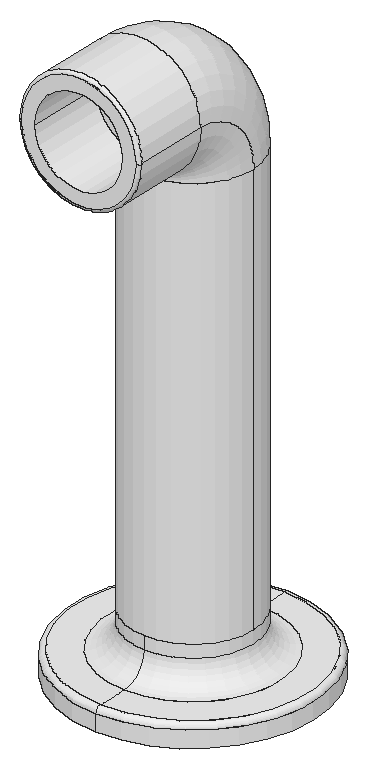
Revit family "Tub_Spout-American_Standard-Studio_S-8888.31X_Series", category Plumbing Fixtures, host Face, Revit 2019
Family settings
  Host = Face
  Round Connector Dimension = Use Diameter
  Part Type = Normal
  OmniClass Number = 23.45.05.14.17
  OmniClass Title = Showers
  Cut with Voids When Loaded = No
  Shared = Yes
  Room Calculation Point = No
Parameters (values of type "8888.316")
  Width = 2 3/4"  # constant formula
  Water Connection Radius = 1/4"  # constant formula
  Water Connection Diameter = Water Connection Radius * 2  # 1/2"
  Waste Connection = yes
  Warranty Information = "Limited Lifetime Function and Finish Warranty"  # constant formula
  WFU = 4  # constant formula
  Vent Connection = no
  URL = "https://www.americanstandard-us.com/"
  Type Comments = ""
  Product Page URL = "https://www.americanstandard-us.com/bathroom/shower-faucets/studio-s-slip-on-diverter-tub-spout-32028"
  Price = "Prices may vary. Please consult Manufacturer Representative for most up-to-date price list."  # constant formula
  Pop-up handle = no
  Model = "8888.316"
  Material = "Metal-American Standard-002-Polished Chrome"
  Manufacturer = "American Standard"  # constant formula
  Length = 6 1/8"  # constant formula
  Installation Type = "Wall Mounted"  # constant formula
  HWFU = 3  # constant formula
  HW Connection = yes
  Finish = Metal-American Standard-002-Polished Chrome
  Description = "Slip-On Non-Diverter Tub Spout"
  Default Elevation = 21"  # constant formula
  Creation Date = "01/11/2018"  # constant formula
  CWFU = 3  # constant formula
  CW Connection = yes
  Assembly Code = "D2020300"
Types (5): name | Pop-up handle | Model | Description
  (no name) | no | "8888.316" | "Slip-On Non-Diverter Tub Spout"
  8888.316 | no | "8888.316" | "Slip-On Non-Diverter Tub Spout"
  8888.317 | no | "8888.317" | "Non-Diverter 1/2 IPS Tub Spout"
  8888.318 | yes | "8888.318" | "Slip-On-Diverter Tub Spout"
  8888.319 | yes | "8888.319" | "Diverter 1/2 IPS Tub Spout"
Reference planes (in)
  plane 1 "Center (Front/Back)": y = 0
  plane 2: z = 0
  plane 3 "Center (Left/Right)": x = 0
  plane 4: z = 6.125
  plane 5: y = -1.375
  plane 6: y = 1.375
Forms (in)
  Revolve 1, solid, material "Metal-American Standard-002-Polished Chrome" <- "Finish"
    sketch origin (0, 0, 0) x (0, 1, 0) y (0, 0, 1)
      loop
        line (-1.375, 0) -> (0, 0) -> (0, 0.67712) -> (-0.68766, 0.67712) -> (-0.68766, 0.5358)
        arc (-0.68766, 0.5358) -> (-0.77137, 0.33371) -> (-0.97346, 0.25) r 0.2858
        line (-0.97346, 0.25) -> (-1.3127, 0.25)
        arc (-1.3127, 0.25) -> (-1.35675, 0.23175) -> (-1.375, 0.1877) r 0.0623
        line (-1.375, 0.1877) -> (-1.375, 0)
      axis (0, 0.67712) -> (0, 0)
    angle from 0 to 360
  Sweep 2, solid, material "Metal-American Standard-002-Polished Chrome" <- "Finish"
    path origin (0, 0, 0) x (0, 1, 0) y (0, 0, 1)
      loop
        line (0, 0.67712) -> (0, 5.375)
        arc (0, 5.375) -> (-0.21967, 5.90533) -> (-0.75, 6.125) r 0.75
        line (-0.75, 6.125) -> (-1.62033, 6.125)
    profile origin (0, 0, 3.02606) x (0, -1, 0) y (1, 0, 0)
      loop
        circle (0, 0) r 0.68766
  Revolve 3, solid, material "Metal-American Standard-002-Polished Chrome" <- "Finish", visible <- "Pop-up handle"
    sketch origin (0, 22.29942, 1) x (0, 1, 0) y (0, 0, 1)
      loop
        line (-22.11317, 5.38267) -> (-22.11317, 5.125) -> (-21.1241, 5.125)
        arc (-21.1241, 5.125) -> (-21.12565, 5.24508) -> (-21.13979, 5.36434) r 1.14382
        arc (-21.13979, 5.36434) -> (-21.14732, 5.37748) -> (-21.16155, 5.38267) r 0.02208
        line (-21.16155, 5.38267) -> (-22.11317, 5.38267)
      axis (-22.11317, 5.125) -> (-21.1241, 5.125)
    angle from 0 to 360
  Sweep 4, void
    path origin (0, -1.62033, 6.125) x (1, 0, 0) y (0, 0, 1)
      loop
        circle (0, 0) r 0.68766
    profile origin (0, -1.62033, 5.43734) x (0, 0, -1) y (0, -1, 0)
      loop
        line (0, 0) -> (-0.03547, 0)
        arc (-0.03547, 0) -> (-0.01039, -0.01039) -> (0, -0.03547) r 0.03547
        line (0, -0.03547) -> (0, 0)
  Extrusion 5, void
    sketch origin (0, 0, 0) x (1, 0, 0) y (0, 0, 1)
      loop
        circle (0, 6.125) r 0.5
    from 0.76092 to 1.62033
Cuts and joins
  Sweep 4, Extrusion 5 cuts Revolve 1
  Sweep 4, Extrusion 5 cuts Sweep 2
  joined: Revolve 1, Sweep 2
Lines and regions (in)
  Masking region 1
    outline origin (0, 0, 0) x (1, 0, 0) y (0, 0, 1)
      loop
        line (1.375, 0) -> (1.375, 0.19153)
        arc (1.375, 0.19153) -> (1.35766, 0.23339) -> (1.3158, 0.25073) r 0.0592
        line (1.3158, 0.25073) -> (0.97708, 0.25073)
        arc (0.97708, 0.25073) -> (0.77391, 0.33489) -> (0.68975, 0.53806) r 0.28733
        line (0.68975, 0.53806) -> (0.68975, 6.125)
        arc (0.68975, 6.125) -> (0, 6.81475) -> (-0.68975, 6.125) r 0.68975
        line (-0.68975, 6.125) -> (-0.68975, 0.53806)
        arc (-0.68975, 0.53806) -> (-0.77391, 0.33489) -> (-0.97708, 0.25073) r 0.28733
        line (-0.97708, 0.25073) -> (-1.3158, 0.25073)
        arc (-1.3158, 0.25073) -> (-1.35766, 0.23339) -> (-1.375, 0.19153) r 0.0592
        line (-1.375, 0.19153) -> (-1.375, 0) -> (1.375, 0)
  symbolic lines, visible <- "Pop-up handle", detail levels medium+fine
    curve 1: circle (0, 0, 6.125) r 0.25 normal (0, -1, 0)
  symbolic lines, detail levels medium+fine
    curve 2: line (0.97708, 0, 0.25073) -> (-0.97708, 0, 0.25073)
Dimensions and locks (in)
  "Length": plane 2 to plane 4
  "Width": plane 6 to plane 5
  plane 1 "Center (Front/Back)" to cut or joined group of Revolve 1, Sweep 2, Sweep 4, Extrusion 5 = 1.62033"
  aligned and locked: plane 2 to host face
  aligned and locked: level to host face
  aligned and locked: Sweep 2 to Extrusion 5
Automatic sketch dimensions
  host sketch curve to host sketch curve = 96"  (x2)
  Revolve 1 sketch curve to plane 5 = 0"
  Revolve 1 sketch curve to plane 1 "Center (Front/Back)" = 0"  (x2)
  Revolve 1 sketch curve to level = 0"
  plane 5 to Revolve 1 sketch curve = 0.0623"
  plane 5 to Revolve 1 sketch curve = 0.40154"
  Revolve 1 sketch curve to Revolve 1 sketch curve = 0.2858"
  Revolve 1 sketch curve to Revolve 1 sketch curve = 0.1877"
  Revolve 1 sketch curve to Revolve 1 sketch curve = 0.14132"
  Revolve 1 sketch curve to plane 4 = 1.07908"
  Revolve 1 sketch curve to Revolve 1 sketch curve = 1/2"
  plane 4 to Sweep 2 sketch curve = 0"
  Sweep 2 sketch curve to plane 1 "Center (Front/Back)" = 0"
  plane 5 to Sweep 2 sketch curve = 5/8"
  Sweep 2 sketch curve to plane 5 = 0.24533"
  level to Sweep 2 sketch curve = 0.67712"
  Sweep 2 sketch curve to plane 3 "Center (Left/Right)" = 0"
  Sweep 2 sketch curve to profile plane = 0"
  plane 4 to Revolve 3 sketch curve = 0"  (x2)
  Revolve 3 sketch curve to plane 1 "Center (Front/Back)" = 0.03241"
  Revolve 3 sketch curve to Revolve 3 sketch curve = 0.15385"
  plane 6 to Revolve 3 sketch curve = 0.23712"
  plane 6 to Revolve 3 sketch curve = 0.19968"
  Revolve 3 sketch curve to plane 4 = 0.04527"
  Revolve 3 sketch curve to plane 4 = 0.23559"
  Revolve 3 sketch curve to plane 4 = 0.25767"
  Revolve 3 sketch curve to Revolve 3 sketch curve = 0.05313"
  Revolve 3 sketch curve to Revolve 3 sketch curve = 0.05014"
  profile plane to Sweep 4 sketch curve = 0"
  Sweep 4 sketch curve to Sweep 4 sketch curve = 0"  (x2)
  Sweep 4 sketch curve to profile plane = 0"  (x3)
  profile plane to Sweep 4 sketch curve = 0.03547"
  Extrusion 5 sketch curve to plane 3 "Center (Left/Right)" = 0"
  Extrusion 5 sketch curve to plane 4 = 0"
  Masking region 1 sketch curve to level = 0"
  Masking region 1 sketch curve to plane 4 = 0"
  Masking region 1 sketch curve to plane 3 "Center (Left/Right)" = 0"
  Masking region 1 sketch curve to Masking region 1 sketch curve = 0.68975"
  Masking region 1 sketch curve to Masking region 1 sketch curve = 0.33872"  (x2)
  Masking region 1 sketch curve to Masking region 1 sketch curve = 0.0592"  (x2)
  Masking region 1 sketch curve to Masking region 1 sketch curve = 0.28733"  (x2)
  level to Masking region 1 sketch curve = 0.19153"
  Masking region 1 sketch curve to Masking region 1 sketch curve = 0.19153"
  curve 1 to plane 3 "Center (Left/Right)" = 0"
  curve 1 to plane 4 = 0"
  level to curve 2 = 0.25073"
  curve 2 to plane 3 "Center (Left/Right)" = 0.97708"
  plane 3 "Center (Left/Right)" to curve 2 = 0.97708"
  radius of Sweep 2 sketch curve = 0.68766"
  radius of Sweep 4 sketch curve to Sweep 2 = 0"
  radius of Extrusion 5 sketch curve = 1/2"
  radius of curve 1 = 1/4"
Connectors (in)
  piping at (0, 0, 0), diameter 0.5, driven by "Water Connection Diameter"
    settings: on cut or joined group of Revolve 1, Sweep 2, Sweep 4, Extrusion 5, index 1, connector inside diameter 24", connector length 0", flow factor 0, pipe flow 0 GPM, pressure drop 0.00 psi, fitting loss kfactor 0, connector angle 0.00°, fixture units 0, engagement length 0", angle of deflection 0.00°, flow configuration 0, flow direction 1, fitting loss method 0, system type 29, joint type 0, gender type 0, connector reference index -1, connector utility 0, adjustable connector no, is connector primary yes, connector description "1/2\" Water Supply Inlet"
